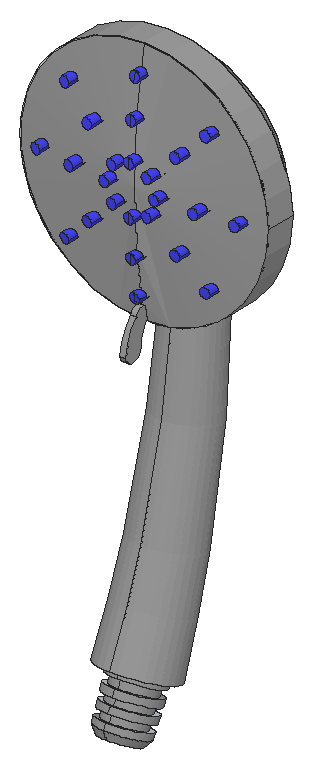
Revit family "DUCHA FONO URBAN NEGRO MATE", category Plumbing Fixtures, Revit 2019
Family settings
  Round Connector Dimension = Use Diameter
  Part Type = Normal
  OmniClass Number = 23.45.00.00
  OmniClass Title = Sanitary, Laundry, and Cleaning Equipment
  Work Plane-Based = No
  Always vertical = Yes
  Cut with Voids When Loaded = No
  Shared = No
  Room Calculation Point = No
Reference planes
  plane 1 "Center (Front/Back)": y = 0
  plane 2: z = 0
  plane 3 "Center (Left/Right)": x = 0
Forms (mm)
  SweptBlend 1, solid
    path origin (0, 0, 0) x (0, -1, 0) y (0, 0, 1)
      loop
        arc (-13.781, 20.672) -> (-38.406, 103.807) -> (-43.021, 190.389) r 370.267
    profile origin (0, 13.781, 20.672) x (0, -0.918977, 0.39431) y (1, 0, 0)
      loop
        circle (0, 0) r 15
    end profile origin (0, 43.021, 190.389) x (0, -0.997947, -0.064052) y (1, 0, 0)
      loop
        circle (0, 0) r 10
  Extrusion 2, solid
    sketch origin (0, 1.541, 0) x (1, 0, 0) y (0, 0, -1)
      loop
        circle (0, -196) r 50
    from 15.784 to 27.712
  Revolve 3, solid
    sketch origin (0, 1.541, 0) x (0, -1, 0) y (0, 0, 1)
      loop
        arc (-27.712, 246) -> (-45.663, 223.811) -> (-52.079, 196) r 63.483
        line (-52.079, 196) -> (-27.712, 196) -> (-27.712, 246)
      axis (-27.712, 196) -> (-52.079, 196)
    angle from 0 to 360
  Extrusion 4, solid
    sketch origin (0, 0, 0) x (1, 0, 0) y (0, 0, 1)
      loop
        circle (0, 236) r 2
      loop
        circle (-28.284, 224.284) r 2
      loop
        circle (-40, 196) r 2
      loop
        circle (-28.284, 167.716) r 2
      loop
        circle (0, 156) r 2
      loop
        circle (28.284, 167.716) r 2
      loop
        circle (40, 196) r 2
      loop
        circle (28.284, 224.284) r 2
      loop
        circle (0, 221) r 2
      loop
        circle (-17.678, 213.678) r 2
      loop
        circle (-25, 196) r 2
      loop
        circle (-17.678, 178.322) r 2
      loop
        circle (0, 171) r 2
      loop
        circle (17.678, 178.322) r 2
      loop
        circle (25, 196) r 2
      loop
        circle (17.678, 213.678) r 2
      loop
        circle (0, 206) r 2
      loop
        circle (7.071, 203.071) r 2
      loop
        circle (10, 196) r 2
      loop
        circle (7.071, 188.929) r 2
      loop
        circle (0, 186) r 2
      loop
        circle (-7.071, 188.929) r 2
      loop
        circle (-10, 196) r 2
      loop
        circle (-7.071, 203.071) r 2
    from -17.325 to -8.887
  Revolve 5, solid
    sketch origin (0, 0, 0) x (0, 1, 0) y (0, 0, 1)
      loop
        line (14.423, 20.397) -> (4.592, 24.615) -> (3.685, 22.501) -> (5.643, 21.661) -> (4.333, 18.607) -> (2.374, 19.447) -> (1.274, 16.883) -> (3.233, 16.043) -> (2.115, 13.439) -> (0.157, 14.279) -> (-0.903, 11.809) -> (1.056, 10.969) -> (-0.102, 8.271) -> (-2.061, 9.111) -> (-3.077, 6.743) -> (-2.319, 3.103) -> (4.911, 0) -> (14.423, 20.397)
      axis (4.808, -0.221) -> (14.423, 20.397)
    angle from 0 to 360
  Revolve 6, solid
    sketch origin (0, 0, 0) x (0, 1, 0) y (0, 0, 1)
      loop
        line (17.325, 196) -> (17.325, 246)
        arc (17.325, 246) -> (13.578, 221.125) -> (12.325, 196) r 252.5
        line (12.325, 196) -> (17.325, 196)
      axis (17.325, 196) -> (12.325, 196)
    angle from 0 to 360
  Revolve 7, void
    sketch origin (0, 0, 0) x (0, 1, 0) y (0, 0, 1)
      loop
        line (14.388, 246.609) -> (0, 246.609) -> (0, 196) -> (9.194, 196)
        arc (9.194, 196) -> (10.496, 221.438) -> (14.388, 246.609) r 249.188
      axis (14.388, 196) -> (0, 196)
    angle from 0 to 360
  Extrusion 8, solid
    sketch origin (0, -2.394, -8.888) x (0, 1, 0) y (0, 0, 1)
      loop
        arc (18.496, 154.863) -> (19.647, 160.412) -> (14.146, 159.051) r 3.348
        arc (14.146, 159.051) -> (10.514, 152.977) -> (8.575, 146.171) r 27.154
        arc (8.575, 146.171) -> (12.59, 143.169) -> (16.126, 146.721) r 3.823
        arc (16.126, 146.721) -> (16.871, 150.92) -> (18.496, 154.863) r 19.852
    from -0.985 to 1.208
Cuts and joins
  joined: SweptBlend 1, Extrusion 2, Revolve 3
  Revolve 7 cuts Extrusion 4
  joined: Revolve 6, Extrusion 8
Dimensions and locks
  aligned and locked: level to plane 2
